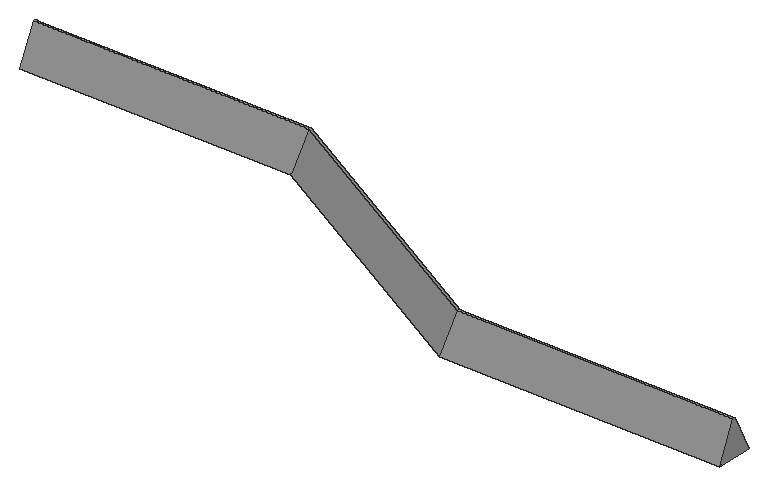
Revit family "Armeret_BetonZig-Zag_35mm_p_i_t_1131100", category Generic Models, Revit 2019
Family settings
  Can host rebar = No
  Round Connector Dimension = Use Diameter
  Part Type = Normal
  Work Plane-Based = Yes
  Always vertical = No
  Cut with Voids When Loaded = No
  Shared = No
  Room Calculation Point = No
Parameters (values of type "35 mm")
  concrete = Concrete
  Website Link = "https://haucon.dk/produkt/armeret-beton-zig-zag/#variations"
  Total Length = 800 mm
  Technical Data Sheet = "https://haucon.dk/wp-content/uploads/2016/04/1131090-Beton-zig-zag-TDS-DK.pdf"
  Default Elevation = 1219.2 mm
  Armerment width = 35 mm
  Armerment Height = Armerment width  # 35 mm
Types (13, lengths in mm): name | Armerment width | Armerment Height
  35 mm | 35 | 35
  55 mm | 55 | 55
  40 mm | 40 | 40
  45 mm | 45 | 45
  50 mm | 50 | 50
  60 mm | 60 | 60
  25 mm | 25 | 25
  30 mm | 30 | 30
  70 mm | 70 | 70
  75 mm | 75 | 75
  80 mm | 80 | 80
  90 mm | 90 | 90
  100 mm | 100 | 100
Reference planes
  plane 1 "Center (Front/Back)": y = 0
  plane 2: z = 0
  plane 3 "Center (Left/Right)": x = 0
  plane 4: y = 17.5
  plane 5: y = -17.5
  plane 6: z = 35
  plane 7: x = 266.667
  plane 8: x = 533.333
  plane 9: x = 800
Forms (mm)
  Sweep 1, solid, material "Concrete" <- "concrete"
    path origin (135, 0, 0) x (1, 0, 0) y (0, 1, 0)
      loop
        line (-135, 0) -> (132.554, 0) -> (397.446, -149.776) -> (665, -149.776)
    profile origin (133.777, 0, 0) x (0, 1, 0) y (0, 0, 1)
      loop
        line (17.5, 0) -> (0.856, 34.544)
        arc (0.856, 34.544) -> (0, 34.98) -> (-0.856, 34.544) r 1.059
        line (-0.856, 34.544) -> (-17.5, 0) -> (17.5, 0)
Dimensions and locks
  equal spacing: plane 4, plane 1 "Center (Front/Back)", plane 5
  "Armerment width": plane 4 to plane 5
  "Armerment Height": level to plane 6
  "Total Length": plane 3 "Center (Left/Right)" to plane 9
  equal spacing: plane 3 "Center (Left/Right)", plane 7, plane 8, plane 9
  aligned and locked: level to plane 2
  aligned and locked: level to Sweep 1 sketch curve
  aligned and locked: plane 3 "Center (Left/Right)" to Sweep 1
  aligned and locked: plane 9 to Sweep 1 sketch curve
Automatic sketch dimensions
  plane 1 "Center (Front/Back)" to Sweep 1 sketch curve = 0 mm
  Sweep 1 sketch curve to plane 3 "Center (Left/Right)" = 0 mm
  Sweep 1 sketch curve to plane 7 = 0.887 mm
  plane 8 to Sweep 1 sketch curve = 0.887 mm
  plane 1 "Center (Front/Back)" to Sweep 1 sketch curve = 149.776 mm
  Sweep 1 sketch curve to plane 5 = 0 mm
  Sweep 1 sketch curve to profile plane = 0 mm
  Sweep 1 sketch curve to plane 4 = 0 mm
  plane 6 to Sweep 1 sketch curve = 0.456 mm  (x2)
  profile plane to Sweep 1 sketch curve = 0.856 mm
  Sweep 1 sketch curve to Sweep 1 sketch curve = 0.623 mm
